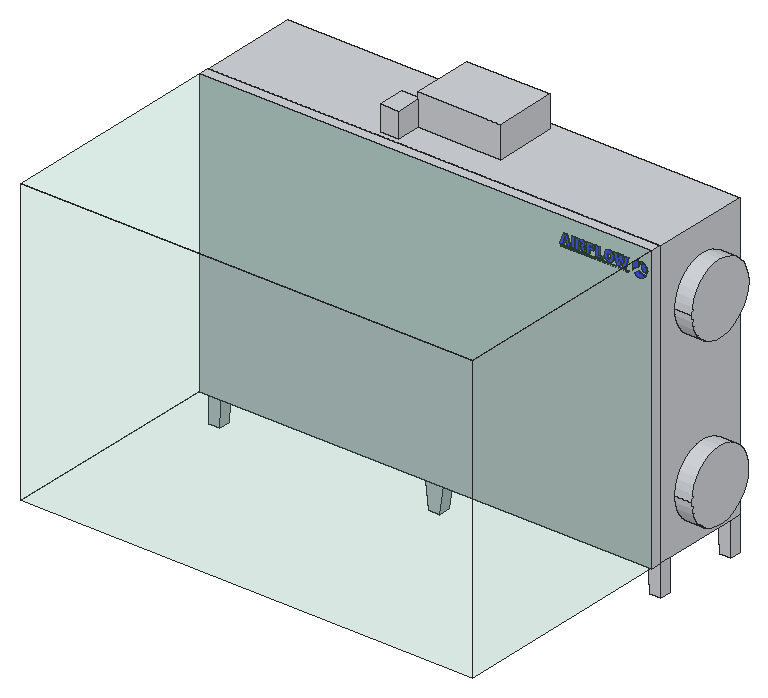
Revit family "DUPLEXVENT Flexi DV1600", category Mechanical Equipment, Revit 2015
Parameters (values of type "Flexi DV1600")
  e-mail = "info@airflow.com"
  Width mm = "2020"
  Weekly clock control as a standard feature = "Yes"
  Web site = "www.airflow.com"
  Water or DX heating and cooling coils (optional) = "Yes"
  Warranty = "3 Years"
  Voltage Supply      Single Phase = "220-240v ac"
  Versatile positioning (floor/ceiling installation) = "Yes"
  Unique triple filter design = ""
  Telephone = "01494 525252"
  Technical support = "01494 560950"
  Supply air filter = "F7"
  Summer By-pass = "Automatic"
  SAP Appendix Q Eligible = "No"
  Pre-heater = "Optional  6000 W"
  Post-heater = "Optional  6000 W"
  Passive House Certified = "Yes"
  Part number = "90000068"
  Model = "FLEXI DV1600"
  Meets Building Regulations Approved Document F 2010 = "Yes"
  Max Air Volume  m3/hr = "1800"
  Internet connection = "Yes"
  ISO9001   Quality Assurance approved = ""
  ISO14001 Environmental Management approved = ""
  IP Rating = ""
  Humidity control (optional) = "Yes"
  Height mm = "1270"
  Heat Recovery = ">90%"
  Heat Exchanger = "Counterflow"
  Frost protection = "Included"
  Frequency = "50Hz"
  Filter maintenance reminder = "Yes"
  Fan input = "93-385 W DC"
  Extract air filter = "M5"
  Excellent heat recovery efficiency of the counter flow cell = "Yes"
  Electronic control panel with LCD display = "Yes"
  EC motor for fine speed control = "Yes"
  Duct Connections = "4 x 250mm dia"
  Depth mm = "490"
  Control Standard = "Digital - 10 Speed , BMS (MODBUS) + Internet"
  Control Optional = "Humidity , CO2 , Air quality"
  Condensate pipe dia = "21mm"
  Carbon dioxide control (optional) = "Yes"
  Built-in electric heater (standard) = ""
  Balanced supply and extract air ventilation with heat recovery = "Yes"
  Automatic cut-out switch = ""
  Airflow Developments Limited = "Lancaster Road,Cressex Business Park,HighWycombe,HP12 3QP\r\nCressex Business Park,\r\nHighWycombe,HP12 3QP"
  Air Volume @ Pa = "1600@200Pa"
  100% Summer/Winter by-pass = "Yes"
Reference planes
  plane 1 "Center (Front/Back)": y = 0
  plane 2: z = 0
  plane 3 "Center (Left/Right)": x = 0
  plane 4: y = -1000
Forms (mm)
  Extrusion 1, solid
    sketch origin (0, 0, 0) x (0, 1, 0) y (0, 0, 1)
      loop
        circle (280, 986.5) r 157.5
    from 1010 to 1090
  Extrusion 2, solid
    sketch origin (0, 0, -135) x (0, 1, 0) y (0, 0, 1)
      loop
        circle (280, 986.5) r 157.5
    from -1090 to -1010
  Extrusion 3, solid
    sketch origin (0, 0, -747) x (0, 1, 0) y (0, 0, 1)
      loop
        circle (280, 986.5) r 157.5
    from 1010 to 1090
  Extrusion 4, solid
    sketch origin (-3080, 0, -747) x (0, 1, 0) y (0, 0, 1)
      loop
        circle (280, 986.5) r 157.5
    from 1990 to 2070
  Extrusion 5, solid, material "Clearance - Daikin - Green (80% Transparent)"
    sketch origin (-3123.011, -543.395, 0) x (1, 0, 0) y (0, 1, 0)
      loop
        line (2113.011, 543.395) -> (2113.011, -456.605) -> (4133.011, -456.605) -> (4133.011, 543.395) -> (2113.011, 543.395)
    from 0 to 1270
  Extrusion 6, solid, material "Default New Material"
    sketch origin (567.096, 0.182, 615.093) x (1, 0, 0) y (0, 0, 1)
      loop
        line (33.662, 546.992) -> (47.504, 546.992) -> (49.8, 554.501) -> (64.199, 554.501) -> (66.495, 546.992) -> (80.707, 546.992) -> (64.23, 592.263) -> (50.139, 592.263) -> (33.662, 546.992)
    from 0 to 2
  Extrusion 7, solid, material "Default New Material"
    sketch origin (584.596, 0.182, 615.093) x (1, 0, 0) y (0, 0, 1)
      loop
        line (69.991, 592.263) -> (69.991, 546.992) -> (81.006, 546.992) -> (81.006, 592.263) -> (69.991, 592.263)
    from 0 to 2
  Extrusion 8, solid, material "Default New Material"
    sketch origin (593.346, 0.182, 613.218) x (1, 0, 0) y (0, 0, 1)
      loop
        line (80.196, 594.421) -> (80.196, 549.269) -> (93.366, 549.269) -> (93.366, 564.757) -> (103.042, 564.757)
        arc (103.042, 564.757) -> (105.945, 561.42) -> (106.877, 557.096) r 8.876
        arc (106.877, 557.096) -> (106.978, 553.159) -> (107.589, 549.269) r 30.266
        line (107.589, 549.269) -> (120.811, 549.269) -> (120.034, 552.165)
        arc (120.034, 552.165) -> (119.324, 562.114) -> (114.35, 570.758) r 22.312
        arc (114.35, 570.758) -> (120.1, 584.759) -> (108.45, 594.421) r 12.774
        line (108.45, 594.421) -> (80.196, 594.421)
    from 0 to 2
  Extrusion 9, solid, material "Default New Material"
    sketch origin (613.346, 0.182, 615.718) x (1, 0, 0) y (0, 0, 1)
      loop
        line (107.47, 592.03) -> (107.47, 547.811) -> (121.006, 547.811) -> (121.006, 565.157) -> (138.209, 565.157) -> (138.209, 575.182) -> (121.006, 575.182) -> (121.006, 580.832) -> (141.27, 580.832) -> (141.27, 592.03) -> (107.47, 592.03)
    from 0 to 2
  Extrusion 10, solid, material "Default New Material"
    sketch origin (629.596, 0.182, 607.593) x (1, 0, 0) y (0, 0, 1)
      loop
        line (131.775, 600.068) -> (131.775, 555.608) -> (164.524, 555.608) -> (164.524, 566.494) -> (145.386, 566.494) -> (145.386, 600.068) -> (131.775, 600.068)
    from 0 to 2
  Extrusion 11, solid, material "Default New Material"
    sketch origin (648.971, 0.182, 621.343) x (1, 0, 0) y (0, 0, 1)
      loop
        line (150.928, 566.262) -> (150.928, 557.838)
        arc (150.928, 557.838) -> (172.103, 540.791) -> (193.278, 557.838) r 21.675
        line (193.278, 557.838) -> (193.278, 566.262)
        arc (193.278, 566.262) -> (172.103, 587.437) -> (150.928, 566.262) r 21.175
    from 0 to 2
  Extrusion 12, solid, material "Default New Material"
    sketch origin (662.721, 0.182, 621.968) x (1, 0, 0) y (0, 0, 1)
      loop
        line (180.086, 586.527) -> (192.731, 539.337) -> (207.266, 539.337) -> (211.814, 568.052) -> (216.877, 539.337) -> (231.678, 539.337) -> (244.322, 586.527) -> (229.562, 586.527) -> (224.384, 559.884) -> (218.233, 586.527) -> (205.528, 586.527) -> (200.223, 559.235) -> (193.922, 586.527) -> (180.086, 586.527)
    from 0 to 2
  Extrusion 13, solid, material "Default New Material"
    sketch origin (704.596, 0.182, 621.343) x (1, 0, 0) y (0, 0, 1)
      loop
        arc (221.303, 544.682) -> (232.336, 558.541) -> (247.466, 567.754) r 50.651
        arc (247.466, 567.754) -> (247.504, 579.86) -> (244.131, 591.486) r 42.547
        arc (244.131, 591.486) -> (223.132, 572.759) -> (221.303, 544.682) r 37.116
    from 0 to 2
  Extrusion 14, solid, material "Default New Material"
    sketch origin (700.846, 0.182, 599.468) x (1, 0, 0) y (0, 0, 1)
      loop
        arc (232.653, 557.878) -> (258.976, 547.801) -> (283.475, 561.739) r 32.985
        arc (283.475, 561.739) -> (266.143, 564.019) -> (250.499, 571.82) r 52.926
        arc (250.499, 571.82) -> (240.936, 565.669) -> (232.653, 557.878) r 62.148
    from 0 to 2
  Extrusion 15, solid, material "Default New Material"
    sketch origin (710.221, 0.182, 618.843) x (1, 0, 0) y (0, 0, 1)
      loop
        arc (249.42, 593.599) -> (255.124, 579.573) -> (256.146, 564.467) r 47.706
        arc (256.146, 564.467) -> (266.559, 557.722) -> (278.738, 555.349) r 32.649
        arc (278.738, 555.349) -> (272.504, 580.931) -> (249.42, 593.599) r 32.657
    from 0 to 2
  Extrusion 16, void
    sketch origin (567.096, 180.382, 615.093) x (1, 0, 0) y (0, 0, 1)
      loop
        line (50.895, 558.084) -> (63.104, 558.084) -> (57, 578.051) -> (50.895, 558.084)
    from 180.2 to 183
  Extrusion 17, void
    sketch origin (593.346, 180.382, 614.468) x (1, 0, 0) y (0, 0, 1)
      loop
        line (93.366, 582.916) -> (93.366, 572.444) -> (104.52, 572.444)
        arc (104.52, 572.444) -> (108.275, 577.68) -> (104.52, 582.916) r 5.528
        line (104.52, 582.916) -> (93.366, 582.916)
    from 180.2 to 183
  Extrusion 18, void
    sketch origin (651.158, 180.382, 612.593) x (1, 0, 0) y (0, 0, 1)
      loop
        line (162.775, 575.888) -> (162.775, 569.468)
        arc (162.775, 569.468) -> (169.969, 562.274) -> (177.164, 569.468) r 7.195
        line (177.164, 569.468) -> (177.164, 575.888)
        arc (177.164, 575.888) -> (169.969, 583.083) -> (162.775, 575.888) r 7.195
    from 180.2 to 183
  Extrusion 19, solid, material "PVC, Flexible"
    sketch origin (599.596, 179.382, 600.093) x (1, 0, 0) y (0, 0, 1)
      loop
        line (4.524, 555.993) -> (4.524, 554.731) -> (307.911, 554.731) -> (307.911, 555.993) -> (4.524, 555.993)
    from 179 to 181
  Extrusion 20, solid, material "PVC, Flexible"
    sketch origin (599.596, 179.382, 596.02) x (1, 0, 0) y (0, 0, 1)
      loop
        line (4.524, 555.993) -> (4.524, 554.731) -> (307.911, 554.731) -> (307.911, 555.993) -> (4.524, 555.993)
    from 179 to 181
  Extrusion 21, solid
    sketch origin (0, 0, 0) x (1, 0, 0) y (0, 1, 0)
      loop
        line (-1010, 490) -> (-1010, 50) -> (1010, 50) -> (1010, 490) -> (-1010, 490)
      loop
        line (-1010, 45) -> (-1010, 0) -> (1010, 0) -> (1010, 45) -> (-1010, 45)
    from 0 to 1270
  Extrusion 22, solid
    sketch origin (0, 0, 0) x (1, 0, 0) y (0, 1, 0)
      loop
        line (-260, 192) -> (-260, 72) -> (-180, 72) -> (-180, 192) -> (-260, 192)
    from 1270 to 1379.952
  Extrusion 23, solid
    sketch origin (0, 0, 0) x (1, 0, 0) y (0, 1, 0)
      loop
        line (-180, 455) -> (-180, 180) -> (190, 180) -> (190, 455) -> (-180, 455)
    from 1270 to 1409.905
  Blend 24, solid
    base sketch origin (0, 0, 0) x (1, 0, 0) y (0, 1, 0)
      loop
        line (-1010, 490) -> (-1010, 440) -> (-950, 440) -> (-950, 490) -> (-1010, 490)
    top sketch origin (0, 0, 0) x (1, 0, 0) y (0, 1, 0)
      loop
        line (-1010, 490) -> (-1010, 440) -> (-960, 440) -> (-960, 490) -> (-1010, 490)
    from 0 to -150
  Blend 25, solid
    base sketch origin (0, 0, 0) x (1, 0, 0) y (0, 1, 0)
      loop
        line (-1010, 100) -> (-1010, 50) -> (-950, 50) -> (-950, 100) -> (-1010, 100)
    top sketch origin (0, 0, 0) x (1, 0, 0) y (0, 1, 0)
      loop
        line (-1010, 100) -> (-1010, 50) -> (-960, 50) -> (-960, 100) -> (-1010, 100)
    from 0 to 250
  Blend 26, solid
    base sketch origin (0, 0, 0) x (1, 0, 0) y (0, 1, 0)
      loop
        line (950, 490) -> (950, 440) -> (1010, 440) -> (1010, 490) -> (950, 490)
    top sketch origin (0, 0, 0) x (1, 0, 0) y (0, 1, 0)
      loop
        line (960, 490) -> (960, 440) -> (1010, 440) -> (1010, 490) -> (960, 490)
    from 0 to -150
  Blend 27, solid
    base sketch origin (0, 0, 0) x (1, 0, 0) y (0, 1, 0)
      loop
        line (950, 100) -> (950, 50) -> (1010, 50) -> (1010, 100) -> (950, 100)
    top sketch origin (0, 0, 0) x (1, 0, 0) y (0, 1, 0)
      loop
        line (960, 100) -> (960, 50) -> (1010, 50) -> (1010, 100) -> (960, 100)
    from 0 to -138.349
  Blend 28, solid
    base sketch origin (0, 0, 0) x (1, 0, 0) y (0, 1, 0)
      loop
        line (-45, 100) -> (-45, 50) -> (45, 50) -> (45, 100) -> (-45, 100)
    top sketch origin (0, 0, 0) x (1, 0, 0) y (0, 1, 0)
      loop
        line (-25, 100) -> (-25, 50) -> (25, 50) -> (25, 100) -> (-25, 100)
    from 0 to -150
  Blend 29, solid
    base sketch origin (0, 0, 0) x (1, 0, 0) y (0, 1, 0)
      loop
        line (-1010, 100) -> (-1010, 50) -> (-950, 50) -> (-950, 100) -> (-1010, 100)
    top sketch origin (0, 0, 0) x (1, 0, 0) y (0, 1, 0)
      loop
        line (-1010, 100) -> (-1010, 50) -> (-960, 50) -> (-960, 100) -> (-1010, 100)
    from 0 to -150
  Blend 30, solid
    base sketch origin (0, 390, 0) x (1, 0, 0) y (0, 1, 0)
      loop
        line (-45, 100) -> (-45, 50) -> (45, 50) -> (45, 100) -> (-45, 100)
    top sketch origin (0, 390, 0) x (1, 0, 0) y (0, 1, 0)
      loop
        line (-25, 100) -> (-25, 50) -> (25, 50) -> (25, 100) -> (-25, 100)
    from 0 to -150
Cuts and joins
  Extrusion 16 cuts Extrusion 6
  Extrusion 17 cuts Extrusion 8
  Extrusion 18 cuts Extrusion 11
Dimensions and locks
  plane 4 to plane 1 "Center (Front/Back)" = 1000 mm
  radius of Extrusion 1 sketch curve = 157.5 mm
  diameter of Extrusion 1 sketch curve = 315 mm
  radius of Extrusion 2 sketch curve = 157.5 mm
  diameter of Extrusion 2 sketch curve = 315 mm
  radius of Extrusion 3 sketch curve = 157.5 mm
  diameter of Extrusion 3 sketch curve = 315 mm
  radius of Extrusion 4 sketch curve = 157.5 mm
  diameter of Extrusion 4 sketch curve = 315 mm
  aligned and locked: Extrusion 1 to Extrusion 3
  aligned and locked: Extrusion 5 to plane 1 "Center (Front/Back)"
  aligned and locked: plane 4 to Extrusion 5
  aligned and locked: Extrusion 5 to level
Connectors
  hvac at (1090, 280, 986.5)
    settings: on Extrusion 1, index 1, duct flow 0.0 L/s, flow factor 0, pres drop 0.0 Pa, loss coef 0, conn angle 0.00°, conn width 304.8 mm, conn height 304.8 mm, conn diameter 315 mm, duct sys type 2, conn prof type 0, flow config 0, flow direction 2, loss method 0, conn ref index -1, conn util no, is conn primary yes, conn desc ""
  hvac at (1090, 280, 239.5)
    settings: on Extrusion 3, index 2, duct flow 0.0 L/s, flow factor 0, pres drop 0.0 Pa, loss coef 0, conn angle 0.00°, conn width 304.8 mm, conn height 304.8 mm, conn diameter 315 mm, duct sys type 1, conn prof type 0, flow config 0, flow direction 1, loss method 0, conn ref index -1, conn util no, is conn primary no, conn desc ""
  hvac at (-1090, 280, 851.5)
    settings: on Extrusion 2, index 3, duct flow 0.0 L/s, flow factor 0, pres drop 0.0 Pa, loss coef 0, conn angle 0.00°, conn width 304.8 mm, conn height 304.8 mm, conn diameter 315 mm, duct sys type 1, conn prof type 0, flow config 0, flow direction 2, loss method 0, conn ref index -1, conn util no, is conn primary no, conn desc ""
  hvac at (-1090, 280, 239.5)
    settings: on Extrusion 4, index 4, duct flow 0.0 L/s, flow factor 0, pres drop 0.0 Pa, loss coef 0, conn angle 0.00°, conn width 304.8 mm, conn height 304.8 mm, conn diameter 315 mm, duct sys type 2, conn prof type 0, flow config 0, flow direction 1, loss method 0, conn ref index -1, conn util no, is conn primary no, conn desc ""
